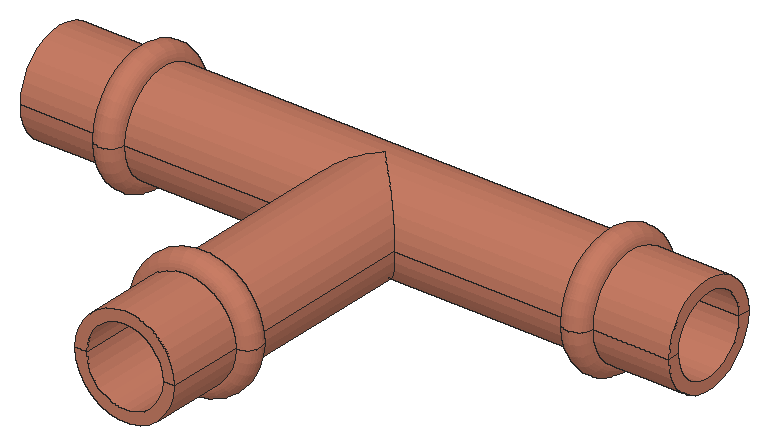
Revit family "Pipefitting_IBP_Conex_MaxiPro_Tee_MP5130", category Pipe Fittings, Revit 2019
Family settings
  Round Connector Dimension = Use Diameter
  Part Type = Tee
  OmniClass Number = 23.65.00.00
  OmniClass Title = Supply and Distribution of Liquids and Gases
  Work Plane-Based = No
  Always vertical = No
  Cut with Voids When Loaded = No
  Shared = No
Parameters (values of type "MP5130 0020202 1/4" Equal Tee")
  _DistributedBy = "www.bimmepaus.com.au/"
  _CurrentRevision = 1  # constant formula
  _CreatedBy = "technical@ibpgroup.com"
  _BimstoreBibleVersion = "14"  # constant formula
  _BimSpecGuid = 0  # constant formula
  _AuthorisedBy = ""
  _Author = "Luke Brown"  # constant formula
  Weight = 0.00 kg
  WarrantyStartDate [instance] = "Please Record On Commissioning."
  WarrantyGuarantorParts = "technical@ibpgroup.com"  # constant formula
  WarrantyGuarantorLabor = "technical@ibpgroup.com"  # constant formula
  WarrantyDurationMonths = 60  # constant formula
  WarrantyDescription = "Product Guarantee"  # constant formula
  URL = "http://www.conexbanninger.com/"
  Type Comments = ""
  SurfaceFinish = "Natural"  # constant formula
  SpareParts = "n/a"
  Size = Type Comments  # ""
  Shape = "Cylindrical"  # constant formula
  SerialNumber [instance] = "Please Record On Commissioning."
  SealType = "HNBR"
  ReplacementCost = "n/a"
  RefrigerantType = ""
  RefrigerantSafetyClass = ""
  RefrigerantCircuitNumber = ""
  ReferencedStandard = "n/a"
  ProductionYear = "2016"  # constant formula
  ProductCode = Model  # "MP5130 0020202"
  PressJawCompatability = "MaxiPro Jaws supplied by Rothenberger"  # constant formula
  PipeConnectorType = "Press x Press"
  OperatingMaintenanceManual = ""
  ORingTemperatureRange = "-40°C to 140°C"  # constant formula
  NominalLength = 0 mm  # constant formula
  NominalHeight = 0 mm  # constant formula
  NominalDepth = 0 mm  # constant formula
  NBSReference = "90-10-65/315"  # constant formula
  NBSOfficeMasterTag = "n/a"  # constant formula
  NBSObjectName = "IBP - Copper pipeline fittings"  # constant formula
  NBSNote = "n/a"  # constant formula
  NBSDescription = "Copper pipeline fittings"  # constant formula
  ModelReference = Type Comments  # ""
  ModelNumber = Model  # "MP5130 0020202"
  Model = "MP5130 0020202"
  MaxHydrostaticPressure = 48 bar
  MaterialType = "Refrigerant Grade Copper, C12200"  # constant formula
  Material = Copper, C12200
  ManufacturerName = "IBP"  # constant formula
  Manufacturer = "Conex Banninger"  # constant formula
  Keynote = "S"  # constant formula
  InstallationDate [instance] = "Please Record On Commissioning."
  IfcExportType = "IfcPipeFittingType"  # constant formula
  IfcExportAs = "IfcPipeFitting"  # constant formula
  ID_ConnectionSize = 6.4 mm
  Grade = "n/a"
  FluidTemperatureMin = 273.15 °C - 40 °C + -273.15 °C  # -40 °C
  FluidTemperatureMax = 121 °C  # constant formula
  FittingType = Description  # "Equal Tee"
  Features = "n/a"
  ExpectedServiceLifeYears = 25  # constant formula
  DocumentationTechnical = ""
  DocumentationLiterature = ""
  DocumentationInstallationGuide = ""
  DocumentationCertificates = ""
  Description = "Equal Tee"  # constant formula
  D_BranchTubeStop = 9 mm
  D1_Body_OD = 8.3 mm
  CreatedOn = " "
  CreatedBy = "technical@ibpgroup.com"  # constant formula
  Contact = "technical@ibpgroup.com"  # constant formula
  Constituents = "n/a"
  Colour = "n/a"  # constant formula
  CodePerformance = "n/a"
  ClassificationValue = "Pr_65_52_63_18"  # constant formula
  ClassificationName = "Uniclass2015"  # constant formula
  C_BranchLength = 27 mm
  Bead_Dia = 2.3 mm
  Bead_Depth = 7.5 mm
  BeadDepth_Formula = A_Length - Bead_Depth - Bead_Depth  # 39 mm
  BeadDepth_Branch_Formula = C_BranchLength - Bead_Depth  # 19.5 mm
  Barcode [instance] = "Please Record On Commissioning."
  B_TubeStop_Formula = B * 2  # 18 mm
  BIMObjectName = "PipeFitting_IBP_Conex_MaxiPro_EqualTee_MP5130"  # constant formula
  B = 9 mm
  AssetType = "Fixed"  # constant formula
  AssetIdentifier [instance] = "Please Record On Commissioning."
  Assembly Code = "D20"
  Application = "Air conditioning & refrigeration"  # constant formula
  AnnotationBranchLength_Formula = A_Length / 2  # 27 mm
  AccessibilityPerformance = "n/a"
  A_Length = 54 mm
Types (8, lengths in mm): name | ProductCode | ModelNumber | Model | ID_ConnectionSize | D_BranchTubeStop | D1_Body_OD | C_BranchLength | Bead_Dia | Bead_Depth | BeadDepth_Formula | BeadDepth_Branch_Formula | B_TubeStop_Formula | B | AnnotationBranchLength_Formula | A_Length
  MP5130 0020202 1/4" Equal Tee | "MP5130 0020202" | "MP5130 0020202" | "MP5130 0020202" | 6.4 | 9 | 8.3 | 27 | 2.3 | 7.5 | 39 | 19.5 | 18 | 9 | 27 | 54
  MP5130 0030303 3/8" Equal Tee | "MP5130 0030303" | "MP5130 0030303" | "MP5130 0030303" | 9.6 | 13 | 11.6 | 27 | 2.6 | 7 | 49 | 20 | 18 | 9 | 31.5 | 63
  MP5130 0040404 1/2" Equal Tee | "MP5130 0040404" | "MP5130 0040404" | "MP5130 0040404" | 12.8 | 10.5 | 15.4 | 28 | 3 | 7 | 52 | 21 | 27 | 13.5 | 33 | 66
  MP5130 0050505 5/8" Equal Tee | "MP5130 0050505" | "MP5130 0050505" | "MP5130 0050505" | 16 | 11 | 19 | 32 | 3.2 | 8 | 60 | 24 | 34 | 17 | 38 | 76
  MP5130 0060606 3/4" Equal Tee | "MP5130 0060606" | "MP5130 0060606" | "MP5130 0060606" | 19.2 | 14 | 22 | 36 | 3.5 | 10 | 64 | 26 | 40 | 20 | 42 | 84
  MP5130 0070707 7/8" Equal Tee | "MP5130 0070707" | "MP5130 0070707" | "MP5130 0070707" | 22.4 | 14.5 | 25.5 | 38.5 | 3.8 | 10 | 69 | 28.5 | 41 | 20.5 | 44.5 | 89
  MP5130 0080808 1" Equal Tee | "MP5130 0080808" | "MP5130 0080808" | "MP5130 0080808" | 25.6 | 16.5 | 28.8 | 40 | 3.8 | 9.2 | 73.6 | 30.8 | 45 | 22.5 | 46 | 92
  MP5130 0090909 1 1/8" Equal Tee | "MP5130 0090909" | "MP5130 0090909" | "MP5130 0090909" | 28.6 | 17.5 | 32.1 | 43.5 | 3.8 | 9.2 | 76.6 | 34.3 | 44 | 22 | 47.5 | 95
Reference planes
  plane 1 "Center (Front/Back)": y = 0
  plane 2: z = 0
  plane 3 "Center (Left/Right)": x = 0
  plane 4: x = 27
  plane 5: x = -27
  plane 6 "RightConnection": x = 9
  plane 7 "LeftConnection": x = -9
  plane 8: x = 19.5
  plane 9: x = -19.5
  plane 10: y = 4.15
  plane 11: y = -4.15
  plane 12: y = 3.2
  plane 13: y = -3.2
  plane 14: x = 3.2
  plane 15: x = 4.15
  plane 16: x = -3.2
  plane 17: x = -4.15
  plane 18: y = -19.5
  plane 19: y = -27
  plane 20 "BranchConnection": y = -9
Forms (mm)
  Revolve 1, solid, material "Copper, C12200" <- "Material", detail levels fine
    sketch origin (0, 0, 0) x (1, 0, 0) y (0, 1, 0)
      loop
        line (-20.65, 4.15) -> (-27, 4.15) -> (-27, 3.2) -> (27, 3.2) -> (27, 4.15) -> (20.65, 4.15)
        arc (20.65, 4.15) -> (19.5, 5.3) -> (18.35, 4.15) r 1.15
        line (18.35, 4.15) -> (-18.35, 4.15)
        arc (-18.35, 4.15) -> (-19.5, 5.3) -> (-20.65, 4.15) r 1.15
      axis (27, 0) -> (-27, 0)
    angle from 0 to 360
  Revolve 2, solid, material "Copper, C12200" <- "Material", detail levels fine
    sketch origin (0, 0, 0) x (1, 0, 0) y (0, 1, 0)
      loop
        line (4.15, -18.35) -> (4.15, 0) -> (3.2, 0) -> (3.2, -27) -> (4.15, -27) -> (4.15, -20.65)
        arc (4.15, -20.65) -> (5.3, -19.5) -> (4.15, -18.35) r 1.15
      axis (0, -27) -> (0, 0)
    angle from 0 to 360
Cuts and joins
  joined: Revolve 1, Revolve 2
Dimensions and locks
  "A_Length": plane 5 to plane 4
  equal spacing: plane 5, plane 3 "Center (Left/Right)", plane 4
  equal spacing: plane 7 "LeftConnection", plane 3 "Center (Left/Right)", plane 6 "RightConnection"
  "B_TubeStop_Formula": plane 7 "LeftConnection" to plane 6 "RightConnection"
  equal spacing: plane 9, plane 3 "Center (Left/Right)", plane 8
  "BeadDepth_Formula": plane 9 to plane 8
  equal spacing: plane 10, plane 1 "Center (Front/Back)", plane 11
  "D1_Body_OD": plane 11 to plane 10
  equal spacing: plane 12, plane 1 "Center (Front/Back)", plane 13
  "ID_ConnectionSize": plane 13 to plane 12
  "D_BranchTubeStop": plane 20 "BranchConnection" to plane 1 "Center (Front/Back)"
  "BeadDepth_Branch_Formula": plane 18 to plane 1 "Center (Front/Back)"
  "C_BranchLength": plane 19 to plane 1 "Center (Front/Back)"
  equal spacing: plane 16, plane 3 "Center (Left/Right)", plane 14
  "ID_ConnectionSize": plane 16 to plane 14
  equal spacing: plane 17, plane 3 "Center (Left/Right)", plane 15
  "D1_Body_OD": plane 17 to plane 15
  "Bead_Dia": diameter of Revolve 1 sketch curve  (x2)
  "Bead_Dia": diameter of Revolve 2 sketch curve
  aligned and locked: level to plane 2
Automatic sketch dimensions
  plane 1 "Center (Front/Back)" to Revolve 1 sketch curve = 0 mm
  Revolve 1 sketch curve to plane 5 = 0 mm  (x2)
  Revolve 1 sketch curve to plane 10 = 0 mm
  Revolve 1 sketch curve to plane 9 = 0 mm
  Revolve 1 sketch curve to plane 8 = 0 mm
  Revolve 1 sketch curve to plane 4 = 0 mm
  Revolve 1 sketch curve to plane 12 = 0 mm
  Revolve 1 sketch curve to Revolve 1 sketch curve = 35.91 mm
  Revolve 2 sketch curve to plane 3 "Center (Left/Right)" = 0 mm
  plane 1 "Center (Front/Back)" to Revolve 2 sketch curve = 0 mm  (x2)
  Revolve 2 sketch curve to plane 14 = 0 mm
  Revolve 2 sketch curve to plane 15 = 0 mm
  plane 19 to Revolve 2 sketch curve = 0 mm
  plane 18 to Revolve 2 sketch curve = 0 mm
  plane 10 to Revolve 2 sketch curve = 10.85 mm
Nested families
  nested 1: "All Purpose Tee" at (0, 0, 0), type "All Purpose Tee", detail levels coarse+medium
Connectors
  piping at (0, -9, 0), diameter 6.4, driven by "ID_ConnectionSize"
    settings: index 1, connector inside diameter 609.6 mm, connector length 0 mm, flow factor 0, pipe flow 0.0 L/s, pressure drop 0 bar, fitting loss kfactor 0, connector angle 0.00°, fixture units 0, engagement length 0 mm, angle of deflection 0.00°, flow configuration 0, flow direction 0, fitting loss method 0, system type 7, joint type 0, gender type 0, connector reference index -1, connector utility 0, adjustable connector no, is connector primary yes, connector description ""
  piping at (-9, 0, 0), diameter 6.4, driven by "ID_ConnectionSize"
    settings: index 2, connector inside diameter 609.6 mm, connector length 0 mm, flow factor 0, pipe flow 0.0 L/s, pressure drop 0 bar, fitting loss kfactor 0, connector angle 0.00°, fixture units 0, engagement length 0 mm, angle of deflection 0.00°, flow configuration 0, flow direction 0, fitting loss method 0, system type 7, joint type 0, gender type 0, connector reference index -1, connector utility 0, adjustable connector no, is connector primary no, connector description ""
  piping at (9, 0, 0), diameter 6.4, driven by "ID_ConnectionSize"
    settings: index 3, connector inside diameter 609.6 mm, connector length 0 mm, flow factor 0, pipe flow 0.0 L/s, pressure drop 0 bar, fitting loss kfactor 0, connector angle 0.00°, fixture units 0, engagement length 0 mm, angle of deflection 0.00°, flow configuration 0, flow direction 0, fitting loss method 0, system type 7, joint type 0, gender type 0, connector reference index -1, connector utility 0, adjustable connector no, is connector primary no, connector description ""
Definition of nested family "All Purpose Tee"
  Parameters (values of type "All Purpose Tee")
    ID_R = 15 mm
    ID_M = 22 mm
    ID_L = 15 mm
    L_R = 41 mm
    L_M = 34 mm
    L_L = 41 mm
  Reference planes
    plane 1 "Center (Front/Back)": y = 0
    plane 2: z = 0
    plane 3 "Center (Left/Right)": x = 0
    plane 4: x = -41
    plane 5: x = 41
    plane 6: x = -7.5
    plane 7: x = 7.5
    plane 8: y = 7.5
    plane 9: y = -7.5
    plane 10: y = 7.5
    plane 11: y = -7.5
    plane 12: y = -34
    plane 13: x = 11
    plane 14: x = -11
  Lines and regions (mm)
    model lines
      curve 1: line (-41, 0, 0) -> (41, 0, 0)
      curve 2: line (-41, 7.5, 0) -> (-41, -7.5, 0)
      curve 3: line (41, 7.5, 0) -> (41, -7.5, 0)
      curve 4: line (0, 0, 0) -> (0, -34, 0)
      curve 5: line (-11, -34, 0) -> (11, -34, 0)
  Dimensions and locks
    "L_L": plane 4 to plane 3 "Center (Left/Right)"
    "L_R": plane 3 "Center (Left/Right)" to plane 5
    equal spacing: plane 6, plane 3 "Center (Left/Right)", plane 7
    equal spacing: plane 9, plane 1 "Center (Front/Back)", plane 8
    "ID_L": plane 9 to plane 8
    equal spacing: plane 10, plane 1 "Center (Front/Back)", plane 11
    "ID_R": plane 10 to plane 11
    "L_M": plane 1 "Center (Front/Back)" to plane 12
    equal spacing: plane 14, plane 3 "Center (Left/Right)", plane 13
    "ID_M": plane 14 to plane 13
    aligned and locked: level to plane 2
  Automatic sketch dimensions
    curve 2 to plane 4 = 0 mm
    curve 5 to plane 12 = 0 mm
    curve 5 to plane 14 = 0 mm
    plane 1 "Center (Front/Back)" to curve 4 = 0 mm
    curve 4 to plane 3 "Center (Left/Right)" = 0 mm
    curve 5 to plane 13 = 0 mm
    curve 1 to plane 5 = 0 mm
    plane 9 to curve 2 = 0 mm
    plane 9 to curve 3 = 0 mm
    plane 8 to curve 2 = 0 mm
    plane 8 to curve 3 = 0 mm
